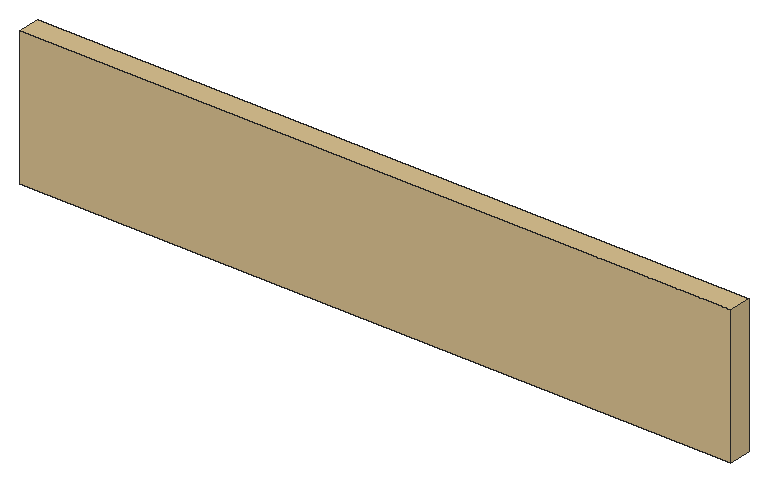
Revit family
Parameters (values of type "38x235")
  Start Extension Calculation [instance] = 3000 mm + Start Extension  # 3000 mm
  Start Extension [instance] = 0 mm
  Keynote = "G20/330"
  End Extension Calculation [instance] = 3000 mm + End Extension  # 3000 mm
  End Extension [instance] = 0 mm
  Beam Material [instance] = Wood - Dimensional Lumber
  A = 0.00 m²
  Ix = 0
  Iy = 0
  Length [instance] = 1524 mm
  Sx = 0
  Sy = 0
  b = 38 mm
  d = 235 mm
Types (3, lengths in mm): name | b | d
  (no name) | 38 | 235
  38x235 | 38 | 235
  38x286 | 38.1 | 285.8
Reference planes
  plane 1 "Center (Front/Back)": y = 0
  plane 2: z = 0
  plane 3 "Center (Left/Right)": x = 4.61
  plane 4 "Member Left": x = -604.99
  plane 5 "Member Right": x = 614.21
  plane 6: y = 19
  plane 7: y = -19
  plane 8: z = 117.5
  plane 9: z = -117.5
  plane 10 "Left": x = -757.39
  plane 11 "Stick Symbol Left": x = -452.59
  plane 12 "Stick Symbol Right": x = 461.81
  plane 13 "Right": x = 766.61
  plane 14: x = -604.99
  plane 15: x = 614.21
  plane 16: x = 2395.01
  plane 17: x = -2385.79
Forms (mm)
  Sweep 1, solid, material "Wood - Dimensional Lumber" <- "Beam Material", detail levels medium+fine
    path origin (0, 0, 0) x (1, 0, 0) y (0, 1, 0)
      loop
        line (614.21, 0) -> (-604.99, 0)
    profile "M_Rectangular Wood Beam-Profile : M_Rectangular Wood Beam-Profile" origin (4.61, 0, 0) x (0, -1, 0) y (0, 0, 1)
      loop
        line (-19, -117.5) -> (19, -117.5) -> (19, 117.5) -> (-19, 117.5) -> (-19, -117.5)
Lines and regions (mm)
  symbolic lines, style "Stick Symbols", detail levels coarse
    curve 1: line (4.61, -19, -117.5) -> (4.61, 19, -117.5)
    curve 2: line (4.61, -19, 117.5) -> (4.61, -19, -117.5)
    curve 3: line (4.61, 19, 117.5) -> (4.61, -19, 117.5)
    curve 4: line (4.61, 19, -117.5) -> (4.61, 19, 117.5)
Dimensions and locks
  "b": plane 6 to plane 7
  "d": plane 9 to plane 8
  equal spacing: plane 9, plane 2, plane 8
  equal spacing: plane 6, plane 1 "Center (Front/Back)", plane 7
  "Length": plane 10 "Left" to plane 13 "Right"
  locked: plane 4 "Member Left" to plane 16 at 3000
  locked: plane 17 to plane 5 "Member Right" at 3000
  "Start Extension Calculation": plane 14 to plane 16
  "End Extension Calculation": plane 17 to plane 15
  aligned and locked: Sweep 1 sketch curve to plane 1 "Center (Front/Back)"
  aligned and locked: curve 1 to Sweep 1
  aligned and locked: curve 2 to Sweep 1
  aligned and locked: curve 3 to Sweep 1
  aligned and locked: curve 4 to Sweep 1
  aligned and locked: plane 14 to Sweep 1 sketch curve
  aligned and locked: plane 15 to Sweep 1 sketch curve
